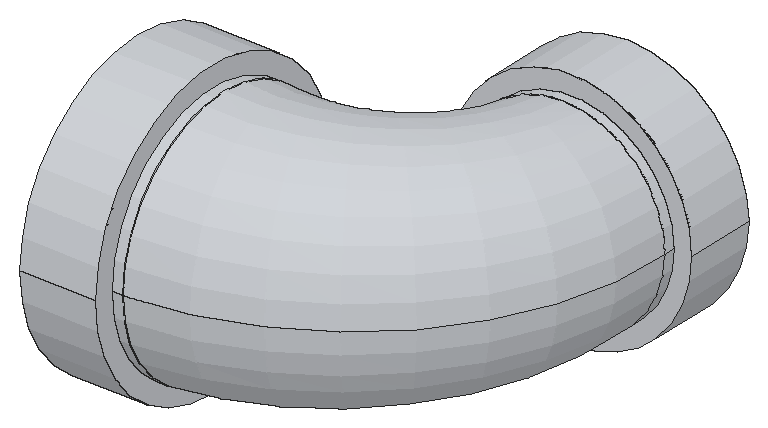
Revit family "DRT_Steel_Elbow Reducing - Threaded", category Pipe Fittings, Revit 2024
Family settings
  Round Connector Dimension = Use Radius
  Part Type = Elbow
  OmniClass Number = 23.60.30.11.14
  OmniClass Title = Pipework Fittings
  Work Plane-Based = No
  Always vertical = Yes
  Cut with Voids When Loaded = No
  Shared = No
Parameters (values of type "Standard")
  Vietnamese Fitting Name [instance] = if(Angle < 60.00°, "Cút giảm 45 mạ kẽm", "Cút giảm 90 mạ kẽm")  # "Cút giảm 90 mạ kẽm"
  Remarks [instance] = "Phụ kiện A, Ren"  # constant formula
  Name Fitting [instance] = if(Angle < 60.00°, "G.I - Steel Reducing Elbow 45", "G.I - Steel Reducing Elbow 90")  # "G.I - Steel Reducing Elbow 90"
  Loss Method = K Coefficient from Table
  Lookup Table Name = "M_Elbow Reducing - Threaded - MI - Class 150"
  Length 4 [instance] = if(Length 1 = Max Length 1, if(C2 Length 1 = Max Length 1, 0.794 mm, if(C2 Length 1 - Max Length 1 < 0.794 mm, 0.794 mm, C2 Length 1 - Max Length 1)), 0.794 mm)  # 0.794 mm
  Length 1 [instance] = if(Max Length 1 > Max Insulation Radius 12 * tan(Angle / 2), Max Length 1, Max Insulation Radius 12 * tan(Angle / 2) + 0.794 mm)  # 13.7 mm
  Max Length 1 [instance] = if(C1 Length 1 > C2 Length 1, C2 Length 1, C1 Length 1)  # 13.7 mm
  Length 3 [instance] = Length 1 + Length 1 * cos(Angle)  # 13.7 mm
  Length 7 [instance] = (Length 4 + Band Width 2) * cos(Angle) + Length 1 + Length 1 * cos(Angle)  # 13.7 mm
  Length 6 [instance] = (Length 4 + Band Width 2) * sin(Angle)  # 5.894 mm
  Length 5 [instance] = if(Length 1 = Max Length 1, if(C1 Length 1 = Max Length 1, 0.794 mm, if(C1 Length 1 - Max Length 1 < 0.794 mm, 0.794 mm, C1 Length 1 - Length 1)), 0.794 mm)  # 0.794 mm
  K Coefficient Table = "Regular Threaded 45, 90 and 180 Elbow"
  HỆ THỐNG [instance] = ""
  Default Elevation = 0 mm
  C1 Length 1 [instance] = Center to End 1 - Band Width 1  # 13.8 mm
  C2 Length 1 [instance] = Center to End 2 - Band Width 2  # 13.7 mm
  Length 2 [instance] = Length 1 * sin(Angle)  # 13.7 mm
  Tick Size 2 [instance] = Fitting Outside Diameter 2 * 0.4  # 5.952 mm
  Tick Size 1 [instance] = Fitting Outside Diameter 1 * 0.4  # 7.408 mm
  Nominal Radius 2 [instance] = 3 mm
  Nominal Radius 1 [instance] = 4 mm
  Nominal Diameter 2 [instance] = Nominal Radius 2 * 2  # 6 mm
  Nominal Diameter 1 [instance] = Nominal Radius 1 * 2  # 8 mm
  Metal Thickness 2 [instance] = size_lookup(Lookup Table Name, "MThk", 0.04 * Nominal Diameter 2 + 2.183 mm, Nominal Diameter 2)  # 2.29 mm
  Metal Thickness 1 [instance] = size_lookup(Lookup Table Name, "MThk", 0.04 * Nominal Diameter 1 + 2.183 mm, Nominal Diameter 1)  # 2.41 mm
  Max Insulation Radius 12 [instance] = if(Fitting Outside Radius 1 > Fitting Outside Radius 2, Fitting Outside Radius 1, Fitting Outside Radius 2)  # 9.26 mm
  Fitting Outside Radius 2 [instance] = Fitting Outside Diameter 2 / 2  # 7.44 mm
  Fitting Outside Radius 1 [instance] = Fitting Outside Diameter 1 / 2  # 9.26 mm
  Fitting Outside Diameter 1 [instance] = Fitting Inside Diameter 1 + Metal Thickness 1 * 2  # 18.52 mm
  Fitting Outside Diameter 2 [instance] = Fitting Inside Diameter 2 + Metal Thickness 2 * 2  # 14.88 mm
  Fitting Inside Diameter 2 [instance] = size_lookup(Lookup Table Name, "FID", 1.08 * Nominal Diameter 2 + 5.159 mm, Nominal Diameter 2)  # 10.3 mm
  Fitting Inside Diameter 1 [instance] = size_lookup(Lookup Table Name, "FID", 1.08 * Nominal Diameter 1 + 5.159 mm, Nominal Diameter 1)  # 13.7 mm
  Center to End 2 [instance] = size_lookup(Lookup Table Name, "CtE2", 0.61 * Nominal Diameter 1 + 0.2 * Nominal Diameter 2 + 15.577 mm, Nominal Diameter 1, Nominal Diameter 2)  # 18.8 mm
  Center to End 1 [instance] = size_lookup(Lookup Table Name, "CtE1", 0.3 * Nominal Diameter 1 + 0.48 * Nominal Diameter 2 + 16.867 mm, Nominal Diameter 1, Nominal Diameter 2)  # 19.3 mm
  Center Radius [instance] = Length 1 / tan(Angle / 2)  # 13.7 mm
  Band Width 2 [instance] = size_lookup(Lookup Table Name, "BWid", 0.12 * Nominal Diameter 2 + 4.465 mm, Nominal Diameter 2)  # 5.1 mm
  Band Width 1 [instance] = size_lookup(Lookup Table Name, "BWid", 0.12 * Nominal Diameter 1 + 4.465 mm, Nominal Diameter 1)  # 5.5 mm
  Band Outside Radius 2 [instance] = Band Outside Diameter 2 / 2  # 8.8 mm
  Band Outside Radius 1 [instance] = Band Outside Diameter 1 / 2  # 10.7 mm
  Band Outside Diameter 1 [instance] = size_lookup(Lookup Table Name, "BOD", 1.23 * Nominal Diameter 1 + 12.402 mm, Nominal Diameter 1)  # 21.4 mm
  Band Outside Diameter 2 [instance] = size_lookup(Lookup Table Name, "BOD", 1.23 * Nominal Diameter 2 + 12.402 mm, Nominal Diameter 2)  # 17.6 mm
  Band Insulation Outside Radius 2 [instance] = (Band Outside Diameter 2) / 2  # 8.8 mm
  Band Insulation Outside Radius 1 [instance] = (Band Outside Diameter 1) / 2  # 10.7 mm
  Assembly Code = ""
  Angle 1 [instance] = 180.00° - Angle  # 90.00°
  Angle [instance] = 90.00°
Reference planes
  plane 1 "Center (Front/Back)": y = 0
  plane 2: z = 0
  plane 3 "Center (Left/Right)": x = 0
  plane 4: x = -13.7
  plane 5: x = 0
  plane 6: y = 13.7
  plane 7: y = 13.7
  plane 8: y = 19.594
  plane 9: x = 0
  plane 10: x = -14.494
  plane 11: x = -19.994
Forms (mm)
  Sweep 1, solid, detail levels fine
    path in 3D
      loop
        line (-13.7, 0, 0) -> (-14.494, 0, 0)
    profile origin (-14.097, 0, 0) x (0, -1, 0) y (0, 0, 1)
      loop
        circle (0, 0) r 9.26
  Sweep 2, solid, detail levels fine
    path in 3D
      loop
        line (0, 13.7, 0) -> (0, 14.494, 0)
    profile origin (0, 14.097, 0) x (-1, 0, 0) y (0, 0, 1)
      loop
        circle (0, 0) r 7.44
  Sweep 3, solid, detail levels fine
    path in 3D
      loop
        line (0, 14.494, 0) -> (0, 19.594, 0)
    profile origin (0, 17.044, 0) x (-1, 0, 0) y (0, 0, 1)
      loop
        circle (0, 0) r 8.8
  Sweep 4, solid, detail levels fine
    path in 3D
      loop
        line (-14.494, 0, 0) -> (-19.994, 0, 0)
    profile origin (-17.244, 0, 0) x (0, -1, 0) y (0, 0, 1)
      loop
        circle (0, 0) r 10.7
  SweptBlend 5, solid, detail levels fine
    path in 3D
      loop
        arc (-13.7, 0, 0) -> (-4.013, 4.013, 0) -> (0, 13.7, 0) r 13.7
    profile origin (-13.7, 0, 0) x (0, 1, 0) y (0, 0, 1)
      loop
        circle (0, 0) r 9.26
    end profile origin (0, 13.7, 0) x (-1, 0, 0) y (0, 0, 1)
      loop
        circle (0, 0) r 7.44
Cuts and joins
  joined: Sweep 1, Sweep 4
  joined: Sweep 2, Sweep 3
Lines and regions (mm)
  model lines, detail levels coarse+medium
    curve 1: line (-13.7, 0, 0) -> (-14.494, 0, 0)
    curve 2: line (-14.494, 0, 0) -> (-19.994, 0, 0)
    curve 5: line (0, 13.7, 0) -> (0, 14.494, 0)
    curve 6: line (0, 14.494, 0) -> (0, 19.594, 0)
    curve 10: line (-19.994, 0, 0) -> (-19.994, 7.408, 0)
    curve 11: line (-19.994, 0, 0) -> (-19.994, -7.408, 0)
    curve 12: arc (-13.7, 0, 0) -> (-4.013, 4.013, 0) -> (0, 13.7, 0) r 13.7
    curve 14: line (0, 19.594, 0) -> (5.952, 19.594, 0)
    curve 15: line (0, 19.594, 0) -> (-5.952, 19.594, 0)
  sketch lines
    curve 3: line (-13.7, 0, 0) -> (-14.494, 0, 0)
    curve 7: line (0, 13.7, 0) -> (0, 14.494, 0)
    curve 8: line (0, 14.494, 0) -> (0, 19.594, 0)
    curve 9: line (-14.494, 0, 0) -> (-19.994, 0, 0)
    curve 13: arc (-13.7, 0, 0) -> (-4.013, 4.013, 0) -> (0, 13.7, 0) r 13.7
  reference lines
    curve 4: line (0, 19.594, 0) -> (0, 14.494, 0)
    curve 16: line (0, 0, 0) -> (0, 7.358, 0)
Dimensions and locks
  "Length 1": plane 4 to plane 3 "Center (Left/Right)"
  "Length 3": plane 4 to plane 5
  "Length 2": plane 6 to plane 1 "Center (Front/Back)"
  "Center Radius": plane 7 to plane 1 "Center (Front/Back)"
  "Length 5": curve 1 to curve 1
  "Length 6": plane 8 to plane 6
  "Length 4": curve 5 to curve 5
  "Band Width 2": curve 6 to curve 6
  "Length 5": plane 10 to plane 4
  "Band Width 1": plane 11 to plane 10
  "Band Width 1": curve 2 to curve 2
  "Tick Size 1": curve 10 to curve 10
  "Tick Size 1": curve 11 to curve 11
  "Length 7": plane 4 to plane 9
  "Tick Size 2": curve 14 to curve 14
  "Tick Size 2": curve 15 to curve 15
  "Fitting Outside Radius 1": radius of Sweep 1 sketch curve
  "Fitting Outside Radius 2": radius of Sweep 2 sketch curve
  "Band Outside Radius 2": radius of Sweep 3 sketch curve
  "Band Outside Radius 1": radius of Sweep 4 sketch curve
  "Fitting Outside Radius 1": radius of SweptBlend 5 sketch curve
  "Fitting Outside Radius 2": radius of SweptBlend 5 sketch curve
  "Angle": angle plane 8 to curve 4
  "Angle": angle plane 6 to curve 5
  "Angle 1": angle curve 5 to curve 1
  "Angle": angle plane 6 to curve 6
  angle curve 10 to curve 2 = 90.00°
  angle curve 11 to curve 2 = 90.00°
  "Angle": angle curve 12 to curve 12
  angle curve 5 to curve 14 = 90.00°
  locked: curve 15 to curve 5 (angle 90.00°)
  "Angle": angle plane 1 "Center (Front/Back)" to curve 16
  aligned and locked: curve 1 to plane 1 "Center (Front/Back)"
  aligned and locked: level to Sweep 1 sketch curve
  aligned and locked: plane 1 "Center (Front/Back)" to Sweep 1 sketch curve
  aligned and locked: plane 8 to curve 4
  aligned and locked: plane 9 to curve 4
  aligned and locked: plane 5 to curve 5
  aligned and locked: plane 7 to curve 12
  aligned and locked: plane 8 to curve 15
  aligned and locked: plane 1 "Center (Front/Back)" to curve 16
  aligned and locked: plane 3 "Center (Left/Right)" to curve 16
Automatic sketch dimensions
  Sweep 2 sketch curve to profile plane = 0 mm  (x2)
  Sweep 3 sketch curve to profile plane = 0 mm  (x2)
  Sweep 4 sketch curve to profile plane = 0 mm  (x2)
  SweptBlend 5 sketch curve to profile plane = 0 mm  (x4)
  curve 11 to plane 11 = 0 mm
Connectors
  piping at (-19.994, 0, 0), diameter 8, driven by "Angle", driven by "Nominal Radius 1"
    settings: on cut or joined group of Sweep 1, Sweep 4, index 1, connector inside diameter 8 mm, connector length 0 mm, flow factor 0, pipe flow 0.0 L/s, pressure drop 0.0 Pa, fitting loss kfactor 0, connector angle 90.00°, fixture units 0, engagement length 0 mm, angle of deflection 0.00°, flow configuration 0, flow direction 0, fitting loss method 0, system type 28, joint type 0, gender type 0, connector reference index 2, connector utility 0, adjustable connector no, is connector primary yes, connector description ""
  piping at (0, 19.594, 0), diameter 6, driven by "Angle", driven by "Nominal Radius 2"
    settings: on cut or joined group of Sweep 2, Sweep 3, index 2, connector inside diameter 6 mm, connector length 0 mm, flow factor 0, pipe flow 0.0 L/s, pressure drop 0.0 Pa, fitting loss kfactor 0, connector angle 90.00°, fixture units 0, engagement length 0 mm, angle of deflection 0.00°, flow configuration 0, flow direction 0, fitting loss method 0, system type 28, joint type 0, gender type 0, connector reference index 1, connector utility 0, adjustable connector no, is connector primary no, connector description ""
